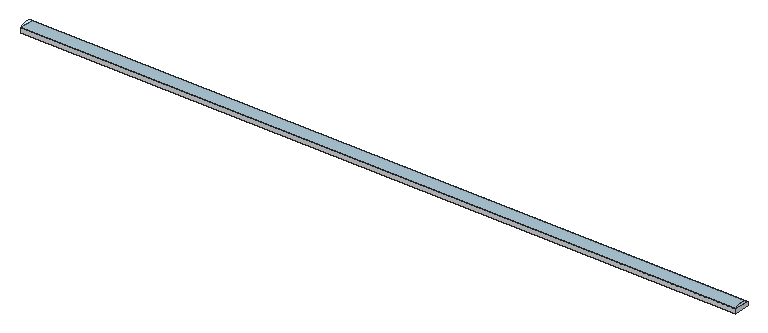
Revit family "277V DOBLE 5050 IP65_L14277UWW", category Luminarias, Revit 2019
Family settings
  Cota de conector redondo = Diámetro de uso
  Tipo de pieza = Normal
  Se basa en plano de trabajo = Sí
  Siempre vertical = No
  Corte con vacíos al cargar = No
  Origen de luz = Sí
  Compartido = No
  Punto de cálculo de habitación = No
Parameters (values of type "277V DOBLE 5050 IP65_L14277UWW")
  Tilt Angle = 60.00°
  Zone [instance] = ""
  Watt per fixture [instance] = (Longitud / 1000 mm) * (20)  # 20
  Wattage = 20 W
  built-in parameter 1150107 = 2400 (stored number, unit not read)
  built-in parameter 1150110 = 1 (stored number, unit not read)
  built-in parameter 1150109 = 1 (stored number, unit not read)
  built-in parameter 1150112 = 1 (stored number, unit not read)
  built-in parameter 1150113 = 1 (stored number, unit not read)
  built-in parameter 1114218 = 1 (stored number, unit not read)
  built-in parameter 1150137 = (empty or 0)
  built-in parameter 1150132 = (empty or 0)
  Modelo = "L14277UWW"
  Lámpara = "5050 SMD"
  Longitud de línea de emisión = 600 mm
  Longitud [instance] = 1000 mm
  LCl2 Conector Intermedio [instance] = 0
  LCL2 Clips de Sujecion [instance] = (Longitud / 1000 mm) * (4)  # 4
  LCG2 Funda Termo contractil [instance] = (LCC4 Convertidor de Corriente) * (2)  # 2
  LCF2 Tapa Final [instance] = (LCC4 Convertidor de Corriente) * (1)  # 1
  LCC4 Convertidor de Corriente [instance] = 1
  LCA2 Conector Aguja [instance] = (LCC4 Convertidor de Corriente) * (1)  # 1
  built-in parameter 1150105 = 81.089 (stored number, unit not read)
  built-in parameter 1150102 = (empty or 0)
  built-in parameter 1150106 = 0.81089 (stored number, unit not read)
  Lumens = 1019 lm
  Color Filter = 16777215
  built-in parameter 1114217 = 1 (stored number, unit not read)
  built-in parameter 1150139 = (empty or 0)
  Fabricante = "BRILLANT"
  Default Elevation = 0 mm
  built-in parameter 1150104 = 4.7334 (stored number, unit not read)
  Descripción = "TIRA LED DOBLE DE PCB CON RECUBRIMIENTO DE PLASTICO 21MM MONOCROMATICA , CON UNA POTENCIA DE 20W/M DE UN TIPO DE LED 5050 SMD, USO PARA INTERIORES COMO EXTERIORES IP65, IRC80, 120 LEDS POR METRO, PRESENTACION DE 50M, TEMPERATURA EN BLANCO ULTRA CALIDO 2400K, 1019 LUMENES POR METRO, EFICIENCIA DE 50.95 LM/W, CORTE A 50CM, ALIMENTADA A 277V, REQUIERE ACCESORIOS COMO CONVERTIDOR DE CORRIENTE (1 POR SEGMENTO DE TIRA), CONECTOR INTERMEDIO (CONSIDERAR EN CORTES DE TIRA O ANGULOS CERRADOS), CONECTOR AGUJA (CONSIDERAR 1PZA PRO CADA CONVERTIDOR), FUNDA TERMOCONTRACTIL (CONSIDERAR 2PZAS POR SEGMENTO DE TIRA), TAPA FINAL (CONSIDERAR 1PZA POR SEGMENTO DE TIRA) Y CLIPS DE SUJECION (CONSIDERAR 4 PZAS POR 1M)"
  built-in parameter 1150115 = 1 (stored number, unit not read)
  built-in parameter 1150114 = 1 (stored number, unit not read)
  Cost = 0
  Comentarios de vataje = "277V"
  built-in parameter 1150138 = (empty or 0)
  built-in parameter 1150134 = (empty or 0)
  Circuit [instance] = ""
  Dimming Lamp Color Temperature Shift = (empty or 0)
  Archivo de red fotométrica = "L14277UWW_277V DOBLE 5050 IP65.IES"
  built-in parameter 1150133 = 10 (stored number, unit not read)
Reference planes
  plane 1 "Centro (Frontal/Posterior)": y = 0
  plane 2: z = 0
  plane 3 "Centro (Izquierda/Derecha)": x = 0
  plane 4: x = 0
  plane 5: z = 12
  plane 6: x = -1000
Forms (mm)
  Extrusion 1, solid
    sketch origin (0, 0, 0) x (1, 0, 0) y (0, 1, 0)
      loop
        line (-1000, 10.462) -> (-1000, -10.539) -> (0, -10.539) -> (0, 10.462) -> (-1000, 10.462)
    from 0 to 6.038
  Extrusion 2, solid, material "Cristal"
    sketch origin (0, 0, 0) x (0, 1, 0) y (0, 0, 1)
      loop
        arc (10.5, 6.038) -> (0, 10.038) -> (-10.5, 6.038) r 15.781
        line (-10.5, 6.038) -> (10.5, 6.038)
    from -1000 to 0
Dimensions and locks
  "Longitud": plane 6 to plane 4
  aligned and locked: level to plane 2
  aligned and locked: Extrusion 1 to plane 4
  aligned and locked: plane 6 to Extrusion 1
  aligned and locked: Extrusion 2 to Extrusion 1
  aligned and locked: plane 3 "Centro (Izquierda/Derecha)" to Extrusion 2
  aligned and locked: plane 3 "Centro (Izquierda/Derecha)" to Extrusion 1
Automatic sketch dimensions
  Extrusion 1 sketch curve to plane 6 = 0 mm
  Extrusion 1 sketch curve to plane 3 "Centro (Izquierda/Derecha)" = 0 mm
  plane 1 "Centro (Frontal/Posterior)" to Extrusion 1 sketch curve = 10.539 mm
  Extrusion 1 sketch curve to plane 1 "Centro (Frontal/Posterior)" = 10.462 mm
  Extrusion 2 sketch curve to level = 5.743 mm
  Extrusion 2 sketch curve to plane 1 "Centro (Frontal/Posterior)" = 0 mm
  plane 1 "Centro (Frontal/Posterior)" to Extrusion 2 sketch curve = 10.5 mm
  Extrusion 2 sketch curve to plane 5 = 5.962 mm
Connectors
  electrical at (0, -0.038, 3.019)
    settings: on Extrusion 1, index 1, voltage 277 V, apparent load 0 VA, apparent load phase1 0 VA, apparent load phase2 0 VA, apparent load phase3 0 VA, power factor 1, load classification "Otro", number of poles 1, system type 31, power factor state 1, is connector primary yes, connector utility no, sub classification motor no, connector description ""
